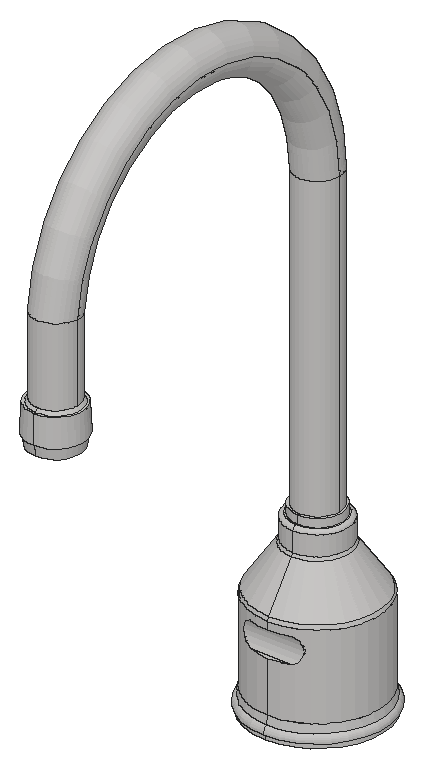
Revit family "16-650", category Specialty Equipment, Revit 2018
Family settings
  Round Connector Dimension = Use Diameter
  Part Type = Normal
  OmniClass Number = 23.45.05.14
  OmniClass Title = Plumbing Fixtures - Sanitary Washing Units
  Work Plane-Based = No
  Always vertical = Yes
  Cut with Voids When Loaded = No
  Shared = No
  Room Calculation Point = No
Parameters
  URL Cutsheet = ""
  Serial Number = ""
  Plumbing Remarks = ""
  Plumbing Connection Type = ""
  Model = "16-650"
  Masterspec = ""
  Manufacturer = "Krowne Metal"
  Item Number = ""
  Inlet Size = 0' - 0 1/2"
  Hot Water Size = 1/2"
  Hot Water RI Height = 0' - 0"
  Hot Water Flow = 2.2 GPM
  Hot Water Connection Height = 0' - 0"
  Foodservice Equipment Identifier = yes
  Description = "Single Hole Deck Mount"
  Cold Water Size = 1/2"
  Cold Water RI Height = 0' - 0"
  Cold Water Flow = 2.2 GPM
  Cold Water Connection Height = 0' - 0"
  Assembly Code = "D2010400"
Reference planes (in)
  plane 1 "Center (Front/Back)": y = 0
  plane 2: z = 0
  plane 3 "Center (Left/Right)": x = 0
  plane 4: z = 11.5
  plane 5: x = -5.70074
  plane 6: x = -2.3125
  plane 7: x = -1.15625
  plane 8: x = -6.125
  plane 9: x = -0.77838
  plane 10: x = -1.53412
  plane 11: z = 7.25
  plane 12: y = 0.37787
  plane 13: y = -5.62213
Forms (in)
  Revolve 1, solid, material "Metal_Finishes_Stainless Steel"
    sketch origin (0, 1.15625, 0) x (0, 1, 0) y (0, 0, 1)
      loop
        line (-1.15625, 0) -> (-0.0373, 0) -> (-0.0373, 0.08661) -> (0, 0.08661)
        arc (0, 0.08661) -> (-0.01424, 0.1581) -> (-0.06513, 0.21028) r 0.12827
        line (-0.06513, 0.21028) -> (-0.08982, 0.35033) -> (-0.08982, 1.79046) -> (-0.11303, 1.85421) -> (-0.60486, 2.56116) -> (-0.63039, 2.61882) -> (-0.63039, 2.95298)
        arc (-0.63039, 2.95298) -> (-0.65553, 2.99235) -> (-0.69967, 3.00767) r 0.07123
        line (-0.69967, 3.00767) -> (-0.73056, 3.00767) -> (-0.73056, 3.14843) -> (-0.77838, 3.14843) -> (-1.15625, 3.14843) -> (-1.15625, 0)
      axis (-1.15625, 3.14843) -> (-1.15625, 0)
    angle from 0 to 360
  Revolve 2, solid, material "Metal_Finishes_Stainless Steel"
    sketch origin (0, 1.42111, 1.87711) x (0, 0.970315, 0.241845) y (0, -0.241845, 0.970315)
      loop
        line (-5.14109, 6.75816) -> (-5.16796, 6.82546) -> (-5.53467, 6.91689) -> (-5.71152, 6.20758) -> (-5.30134, 6.10531) -> (-5.22739, 6.28977) -> (-5.19747, 6.28231) -> (-5.09858, 6.74756) -> (-5.14109, 6.75816)
      axis (-5.53467, 6.91689) -> (-5.71152, 6.20758)
    angle from 0 to 360
  Extrusion 3, void
    sketch origin (0, 1.15625, 0) x (0, 1, 0) y (0, 0, 1)
      loop
        line (-2.25324, 1.65985) -> (-2.25324, 1.22462) -> (-2.15609, 1.22462)
        arc (-2.15609, 1.22462) -> (-2.08603, 1.44223) -> (-2.15609, 1.65985) r 0.37301
        line (-2.15609, 1.65985) -> (-2.25324, 1.65985)
    from -0.6415 to 0.59581
  Sweep 4, solid, material "Metal_Finishes_Stainless Steel"
    path origin (0, 0, 0) x (0, 1, 0) y (0, 0, 1)
      loop
        line (0, 3.14843) -> (0, 8.30771)
        arc (0, 8.30771) -> (-2.68457, 11.12187) -> (-5.62207, 8.57286) r 2.81729
        line (-5.62207, 8.57286) -> (-5.62207, 7.25014)
    profile origin (0, 0, 5.72807) x (0, -1, 0) y (1, 0, 0)
      loop
        circle (0, 0) r 0.37787
Cuts and joins
  Extrusion 3 cuts Revolve 1
Dimensions and locks (in)
  plane 3 "Center (Left/Right)" to plane 6 = 0' - 2 5/16"
  plane 7 to plane 5 = 0' - 4.54449"
  plane 3 "Center (Left/Right)" to plane 8 = 0' - 6 1/8"
  cut or joined group of Revolve 1, Extrusion 3 to level = 0' - 3 19/128"
  plane 11 to level = 0' - 7 1/4"  (x2)
  plane 4 to level = 0' - 11 1/2"
  plane 12 to plane 13 = 0' - 6"
  aligned and locked: level to plane 2
Connectors (in)
  piping at (0, 0, 0), diameter 0.5, driven by "Inlet Size"
    settings: on Revolve 1, index 1, connector inside diameter 24", connector length 0' - 0", flow factor 0, pipe flow 0 GPM, pressure drop 0.00 psi, fitting loss kfactor 0, connector angle 0.00°, fixture units 0, engagement length 0' - 0", angle of deflection 0.00°, flow configuration 0, flow direction 1, fitting loss method 0, system type 20, joint type 0, gender type 0, connector reference index -1, connector utility 0, adjustable connector no, is connector primary yes, connector description ""
